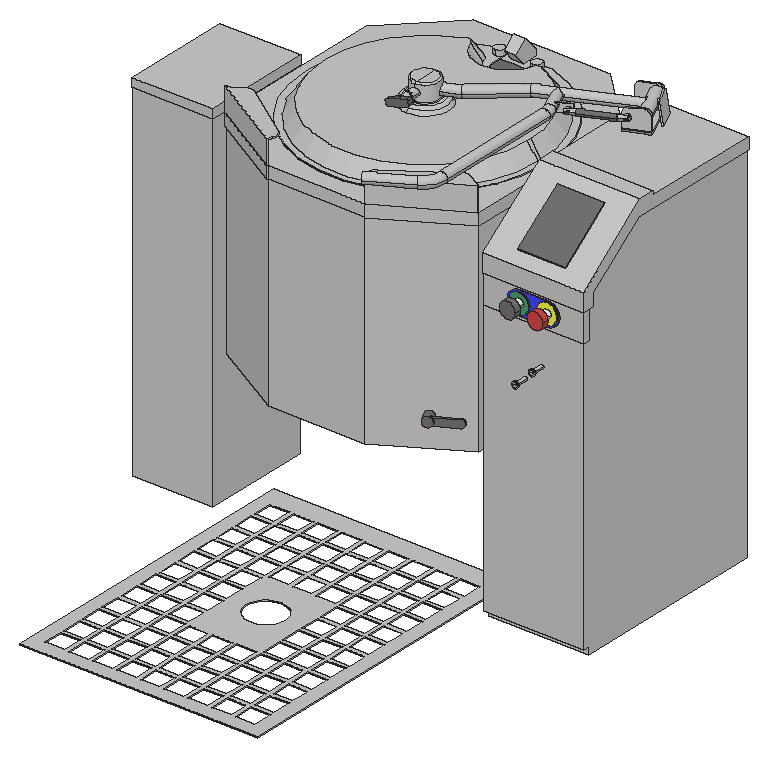
Revit family "QF_DIETATEC_C-CLASSIC_40_180516031749", category Specialty Equipment, Revit 2015
Parameters
  Width [instance] = 1154 mm
  Weight in Pounds [instance] = 286.598
  Volts [instance] = 400 V
  URL Cutsheet [instance] = ""
  URL = "www.dietatec.com"
  Status [instance] = ""
  Specification by User [instance] = ""
  Specification by Manufacturer [instance] = ""
  Serial Number [instance] = "C-CLASSIC_40"
  Seismic Rating [instance] = ""
  SMACNA No [instance] = ""
  Revision Code [instance] = ""
  Phase [instance] = 0
  Number of Poles [instance] = 3
  NAFEM Spec ID Number [instance] = ""
  Model = "54310"
  Min Ckt Ampacity [instance] = 0 A
  Max Overcurrent Protection [instance] = 0 A
  Masterspec [instance] = ""
  Manufacturer = "DIETATEC"
  ListPrice [instance] = 0
  Item Number [instance] = ""
  Installed By [instance] = ""
  Identify Quantity as Lot [instance] = yes
  Height [instance] = 1000 mm
  HP [instance] = ""
  Furnished By [instance] = ""
  Foodservice Equipment Identifier [instance] = yes
  FL Amps [instance] = 20 A
  Elec Conn RI Height [instance] = 0 mm
  Elec Conn Connection Height [instance] = 120 mm
  Description = "DIETA C-CLASSIC 40 KETTLE, ELECTRIC MODEL"
  Depth [instance] = 770 mm
  Cycle [instance] = 50 Hz
  Conn Plug [instance] = ""
  Conn Conduit [instance] = yes
  Cold Water Size [instance] = 12.7 mm
  CSI MasterFormat [instance] = ""
  Assembly Code = "E1090320"
  Apparent Power [instance] = 13500 VA
Reference planes
  plane 1 "Center (Front/Back)": y = 0
  plane 2: z = 0
  plane 3 "Center (Left/Right)": x = 0
Forms (mm)
  Extrusion 1, solid, not visible
    sketch origin (803.5, -97.5, 120) x (1, 0, 0) y (0, 1, 0)
      loop
        line (0, 0) -> (2, 0) -> (2, 2) -> (0, 2) -> (0, 0)
    from 0 to 2
  Extrusion 2, solid, not visible
    sketch origin (873.5, -97.5, 120) x (1, 0, 0) y (0, 1, 0)
      loop
        line (0, 0) -> (2, 0) -> (2, 2) -> (0, 2) -> (0, 0)
    from 0 to 2
Dimensions and locks
  aligned and locked: level to plane 2
Nested families
  nested 1: "QF_Dietatec_C-CLASSIC_40_FL" at (0, 0, 0), type "54310_400_3"
    with Width 1154 mm, Status "", Specification by User "", Show Logo yes, Show Clearance yes, Revision Code "", Plumbing Remarks "", Plumbing Connection Type "", Number of Poles 3, ListPrice 0, Item Number "", Installed By "", Identify Quantity as Lot no, Height 1000 mm, Furnished By "", Foodservice Equipment Identifier yes, Electrical Remarks "", Electric Connection Type "", Elec Conn RI Height 0 mm, Elec Conn Connection Height 120 mm, Depth 770 mm, Conn Conduit no, Cold Water RI Height 120 mm, Cold Water Flow 0.0 L/s, Cold Water Consumption "", Cold Water Connection Height 120 mm
  nested 2: "QF_Dietatec_KETTLE_LEFT_LEG" at (0, 0, 0), type "KETTLE_LEFT_LEG"
    with Width 275 mm, Status "", Specification by User "", Show Logo yes, Show Clearance yes, Revision Code "", ListPrice 0, Item Number "", Installed By "", Identify Quantity as Lot no, Height 900 mm, Furnished By "", Foodservice Equipment Identifier yes, Depth 200 mm
Connectors
  electrical at (804.5, -95.5, 121), driven by "Volts"
    settings: on Extrusion 1, index 1, voltage 400 V, apparent load 13500 VA, apparent load phase1 0 VA, apparent load phase2 0 VA, apparent load phase3 0 VA, power factor 1, load classification "Other", number of poles 1, system type 30, power factor state 1, is connector primary yes, connector utility no, sub classification motor no, connector description "Electrical connection"
  piping at (874.5, -95.5, 121), diameter 12.7, driven by "Cold Water Size"
    settings: on Extrusion 2, index 2, connector inside diameter 609.6 mm, connector length 0 mm, flow factor 0, pipe flow 0.0 L/s, pressure drop 0.0 Pa, fitting loss kfactor 0, connector angle 0.00°, fixture units 0, engagement length 0 mm, angle of deflection 0.00°, flow configuration 1, flow direction 1, fitting loss method 0, system type 20, joint type 0, gender type 0, connector reference index -1, connector utility 0, adjustable connector no, is connector primary yes, connector description "Cold water connection"
Definition of nested family "QF_Dietatec_C-CLASSIC_40_FL"
  Parameters (values of type "54310_400_3")
    Width [instance] = 0 mm
    Weight in Pounds = 286.6006
    Watts = 500 W
    Volts = 230 V
    URL Cutsheet = "www.dietatec.com"
    URL = "www.dietatec.com"
    Status [instance] = ""
    Specification by User [instance] = ""
    Specification by Manufacturer = ""
    Show Logo [instance] = yes
    Show Clearance [instance] = yes
    Serial Number = ""
    Seismic Rating = ""
    SMACNA No = ""
    Revision Code [instance] = ""
    Plumbing Remarks [instance] = ""
    Plumbing Connection Type [instance] = ""
    Phase = 1
    Number of Poles [instance] = 1
    NAFEM Spec ID Number = ""
    Model = "54310+43730"
    Min Ckt Ampacity = 0 A
    Max Overcurrent Protection = 0 A
    Masterspec = ""
    Manufacturer = "DIETATEC"
    ListPrice [instance] = 0
    Item Number [instance] = ""
    Installed By [instance] = ""
    Identify Quantity as Lot [instance] = no
    Height [instance] = 0 mm
    HP = "0.670510000000"
    Furnished By [instance] = ""
    Foodservice Equipment Identifier [instance] = yes
    FL Amps = 10 A
    Electrical Remarks [instance] = ""
    Electric Connection Type [instance] = ""
    Elec Conn RI Height [instance] = 0 mm
    Elec Conn Connection Height [instance] = 120 mm
    Description = "DIETA C-CLASSIC 40 KETTLE, STEAM MODEL"
    Depth [instance] = 0 mm
    Cycle = 50 Hz
    Conn Plug = ""
    Conn Conduit [instance] = no
    Cold Water Temperature Recommended = 0 °C
    Cold Water Size = 12.7 mm
    Cold Water RI Height [instance] = 120 mm
    Cold Water Minimum Pressure = 20000.0 Pa
    Cold Water Maximum Pressure = 50000.0 Pa
    Cold Water Flow [instance] = 0.0 L/s
    Cold Water Consumption [instance] = ""
    Cold Water Connection Height [instance] = 120 mm
    CSI MasterFormat = ""
    Assembly Code = "E1090320"
    Apparent Power = 500 VA
  Reference planes
    plane 1 "Back": y = 0
    plane 2: z = 0
    plane 3 "Left": x = 0
    plane 4 "Right": x = 950.5
    plane 5 "Front": y = -770
    plane 6 "Top": z = 1000
  Forms (mm)
    Extrusion 1, solid
      sketch origin (1853.203, 903.185, 150) x (1, 0, 0) y (0, 1, 0)
        loop
          line (-1804.703, -1372.685) -> (-1804.703, -2172.685) -> (-1204.703, -2172.685) -> (-1204.703, -1372.685) -> (-1804.703, -1372.685)
        loop
          line (-1769.703, -1427.685) -> (-1769.703, -1477.685) -> (-1719.703, -1477.685) -> (-1719.703, -1427.685) -> (-1769.703, -1427.685)
        loop
          line (-1709.703, -1427.685) -> (-1709.703, -1477.685) -> (-1659.703, -1477.685) -> (-1659.703, -1427.685) -> (-1709.703, -1427.685)
        loop
          line (-1649.703, -1427.685) -> (-1649.703, -1477.685) -> (-1599.703, -1477.685) -> (-1599.703, -1427.685) -> (-1649.703, -1427.685)
        loop
          line (-1589.703, -1427.685) -> (-1589.703, -1477.685) -> (-1539.703, -1477.685) -> (-1539.703, -1427.685) -> (-1589.703, -1427.685)
        loop
          line (-1529.703, -1427.685) -> (-1529.703, -1477.685) -> (-1479.703, -1477.685) -> (-1479.703, -1427.685) -> (-1529.703, -1427.685)
        loop
          line (-1469.703, -1427.685) -> (-1469.703, -1477.685) -> (-1419.703, -1477.685) -> (-1419.703, -1427.685) -> (-1469.703, -1427.685)
        loop
          line (-1409.703, -1427.685) -> (-1409.703, -1477.685) -> (-1359.703, -1477.685) -> (-1359.703, -1427.685) -> (-1409.703, -1427.685)
        loop
          line (-1349.703, -1427.685) -> (-1349.703, -1477.685) -> (-1299.703, -1477.685) -> (-1299.703, -1427.685) -> (-1349.703, -1427.685)
        loop
          line (-1289.703, -1427.685) -> (-1289.703, -1477.685) -> (-1239.703, -1477.685) -> (-1239.703, -1427.685) -> (-1289.703, -1427.685)
        loop
          line (-1769.703, -1487.685) -> (-1769.703, -1537.685) -> (-1719.703, -1537.685) -> (-1719.703, -1487.685) -> (-1769.703, -1487.685)
        loop
          line (-1709.703, -1487.685) -> (-1709.703, -1537.685) -> (-1659.703, -1537.685) -> (-1659.703, -1487.685) -> (-1709.703, -1487.685)
        loop
          line (-1649.703, -1487.685) -> (-1649.703, -1537.685) -> (-1599.703, -1537.685) -> (-1599.703, -1487.685) -> (-1649.703, -1487.685)
        loop
          line (-1589.703, -1487.685) -> (-1589.703, -1537.685) -> (-1539.703, -1537.685) -> (-1539.703, -1487.685) -> (-1589.703, -1487.685)
        loop
          line (-1529.703, -1487.685) -> (-1529.703, -1537.685) -> (-1479.703, -1537.685) -> (-1479.703, -1487.685) -> (-1529.703, -1487.685)
        loop
          line (-1469.703, -1487.685) -> (-1469.703, -1537.685) -> (-1419.703, -1537.685) -> (-1419.703, -1487.685) -> (-1469.703, -1487.685)
        loop
          line (-1409.703, -1487.685) -> (-1409.703, -1537.685) -> (-1359.703, -1537.685) -> (-1359.703, -1487.685) -> (-1409.703, -1487.685)
        loop
          line (-1349.703, -1487.685) -> (-1349.703, -1537.685) -> (-1299.703, -1537.685) -> (-1299.703, -1487.685) -> (-1349.703, -1487.685)
        loop
          line (-1289.703, -1487.685) -> (-1289.703, -1537.685) -> (-1239.703, -1537.685) -> (-1239.703, -1487.685) -> (-1289.703, -1487.685)
        loop
          line (-1769.703, -1547.685) -> (-1769.703, -1597.685) -> (-1719.703, -1597.685) -> (-1719.703, -1547.685) -> (-1769.703, -1547.685)
        loop
          line (-1709.703, -1547.685) -> (-1709.703, -1597.685) -> (-1659.703, -1597.685) -> (-1659.703, -1547.685) -> (-1709.703, -1547.685)
        loop
          line (-1649.703, -1547.685) -> (-1649.703, -1597.685) -> (-1599.703, -1597.685) -> (-1599.703, -1547.685) -> (-1649.703, -1547.685)
        loop
          line (-1589.703, -1547.685) -> (-1589.703, -1597.685) -> (-1539.703, -1597.685) -> (-1539.703, -1547.685) -> (-1589.703, -1547.685)
        loop
          line (-1529.703, -1547.685) -> (-1529.703, -1597.685) -> (-1479.703, -1597.685) -> (-1479.703, -1547.685) -> (-1529.703, -1547.685)
        loop
          line (-1469.703, -1547.685) -> (-1469.703, -1597.685) -> (-1419.703, -1597.685) -> (-1419.703, -1547.685) -> (-1469.703, -1547.685)
        loop
          line (-1409.703, -1547.685) -> (-1409.703, -1597.685) -> (-1359.703, -1597.685) -> (-1359.703, -1547.685) -> (-1409.703, -1547.685)
        loop
          line (-1349.703, -1547.685) -> (-1349.703, -1597.685) -> (-1299.703, -1597.685) -> (-1299.703, -1547.685) -> (-1349.703, -1547.685)
        loop
          line (-1289.703, -1547.685) -> (-1289.703, -1597.685) -> (-1239.703, -1597.685) -> (-1239.703, -1547.685) -> (-1289.703, -1547.685)
        loop
          line (-1769.703, -1607.685) -> (-1769.703, -1657.685) -> (-1719.703, -1657.685) -> (-1719.703, -1607.685) -> (-1769.703, -1607.685)
        loop
          line (-1709.703, -1607.685) -> (-1709.703, -1657.685) -> (-1659.703, -1657.685) -> (-1659.703, -1607.685) -> (-1709.703, -1607.685)
        loop
          line (-1649.703, -1607.685) -> (-1649.703, -1657.685) -> (-1599.703, -1657.685) -> (-1599.703, -1607.685) -> (-1649.703, -1607.685)
        loop
          line (-1589.703, -1607.685) -> (-1589.703, -1657.685) -> (-1539.703, -1657.685) -> (-1539.703, -1607.685) -> (-1589.703, -1607.685)
        loop
          line (-1529.703, -1607.685) -> (-1529.703, -1657.685) -> (-1479.703, -1657.685) -> (-1479.703, -1607.685) -> (-1529.703, -1607.685)
        loop
          line (-1469.703, -1607.685) -> (-1469.703, -1657.685) -> (-1419.703, -1657.685) -> (-1419.703, -1607.685) -> (-1469.703, -1607.685)
        loop
          line (-1409.703, -1607.685) -> (-1409.703, -1657.685) -> (-1359.703, -1657.685) -> (-1359.703, -1607.685) -> (-1409.703, -1607.685)
        loop
          line (-1349.703, -1607.685) -> (-1349.703, -1657.685) -> (-1299.703, -1657.685) -> (-1299.703, -1607.685) -> (-1349.703, -1607.685)
        loop
          line (-1289.703, -1607.685) -> (-1289.703, -1657.685) -> (-1239.703, -1657.685) -> (-1239.703, -1607.685) -> (-1289.703, -1607.685)
        loop
          line (-1769.703, -1667.685) -> (-1769.703, -1717.685) -> (-1719.703, -1717.685) -> (-1719.703, -1667.685) -> (-1769.703, -1667.685)
        loop
          line (-1709.703, -1667.685) -> (-1709.703, -1717.685) -> (-1659.703, -1717.685) -> (-1659.703, -1667.685) -> (-1709.703, -1667.685)
        loop
          line (-1649.703, -1667.685) -> (-1649.703, -1717.685) -> (-1599.703, -1717.685) -> (-1599.703, -1667.685) -> (-1649.703, -1667.685)
        loop
          line (-1409.703, -1667.685) -> (-1409.703, -1717.685) -> (-1359.703, -1717.685) -> (-1359.703, -1667.685) -> (-1409.703, -1667.685)
        loop
          line (-1349.703, -1667.685) -> (-1349.703, -1717.685) -> (-1299.703, -1717.685) -> (-1299.703, -1667.685) -> (-1349.703, -1667.685)
        loop
          line (-1289.703, -1667.685) -> (-1289.703, -1717.685) -> (-1239.703, -1717.685) -> (-1239.703, -1667.685) -> (-1289.703, -1667.685)
        loop
          line (-1769.703, -1727.685) -> (-1769.703, -1777.685) -> (-1719.703, -1777.685) -> (-1719.703, -1727.685) -> (-1769.703, -1727.685)
        loop
          line (-1709.703, -1727.685) -> (-1709.703, -1777.685) -> (-1659.703, -1777.685) -> (-1659.703, -1727.685) -> (-1709.703, -1727.685)
        loop
          line (-1649.703, -1727.685) -> (-1649.703, -1777.685) -> (-1599.703, -1777.685) -> (-1599.703, -1727.685) -> (-1649.703, -1727.685)
        loop
          line (-1409.703, -1727.685) -> (-1409.703, -1777.685) -> (-1359.703, -1777.685) -> (-1359.703, -1727.685) -> (-1409.703, -1727.685)
        loop
          line (-1349.703, -1727.685) -> (-1349.703, -1777.685) -> (-1299.703, -1777.685) -> (-1299.703, -1727.685) -> (-1349.703, -1727.685)
        loop
          line (-1289.703, -1727.685) -> (-1289.703, -1777.685) -> (-1239.703, -1777.685) -> (-1239.703, -1727.685) -> (-1289.703, -1727.685)
        loop
          line (-1769.703, -1787.685) -> (-1769.703, -1837.685) -> (-1719.703, -1837.685) -> (-1719.703, -1787.685) -> (-1769.703, -1787.685)
        loop
          line (-1709.703, -1787.685) -> (-1709.703, -1837.685) -> (-1659.703, -1837.685) -> (-1659.703, -1787.685) -> (-1709.703, -1787.685)
        loop
          line (-1649.703, -1787.685) -> (-1649.703, -1837.685) -> (-1599.703, -1837.685) -> (-1599.703, -1787.685) -> (-1649.703, -1787.685)
        loop
          line (-1409.703, -1787.685) -> (-1409.703, -1837.685) -> (-1359.703, -1837.685) -> (-1359.703, -1787.685) -> (-1409.703, -1787.685)
        loop
          line (-1349.703, -1787.685) -> (-1349.703, -1837.685) -> (-1299.703, -1837.685) -> (-1299.703, -1787.685) -> (-1349.703, -1787.685)
        loop
          line (-1289.703, -1787.685) -> (-1289.703, -1837.685) -> (-1239.703, -1837.685) -> (-1239.703, -1787.685) -> (-1289.703, -1787.685)
        loop
          line (-1769.703, -1847.685) -> (-1769.703, -1897.685) -> (-1719.703, -1897.685) -> (-1719.703, -1847.685) -> (-1769.703, -1847.685)
        loop
          line (-1709.703, -1847.685) -> (-1709.703, -1897.685) -> (-1659.703, -1897.685) -> (-1659.703, -1847.685) -> (-1709.703, -1847.685)
        loop
          line (-1649.703, -1847.685) -> (-1649.703, -1897.685) -> (-1599.703, -1897.685) -> (-1599.703, -1847.685) -> (-1649.703, -1847.685)
        loop
          line (-1409.703, -1847.685) -> (-1409.703, -1897.685) -> (-1359.703, -1897.685) -> (-1359.703, -1847.685) -> (-1409.703, -1847.685)
        loop
          line (-1349.703, -1847.685) -> (-1349.703, -1897.685) -> (-1299.703, -1897.685) -> (-1299.703, -1847.685) -> (-1349.703, -1847.685)
        loop
          line (-1289.703, -1847.685) -> (-1289.703, -1897.685) -> (-1239.703, -1897.685) -> (-1239.703, -1847.685) -> (-1289.703, -1847.685)
        loop
          line (-1769.703, -1907.685) -> (-1769.703, -1957.685) -> (-1719.703, -1957.685) -> (-1719.703, -1907.685) -> (-1769.703, -1907.685)
        loop
          line (-1709.703, -1907.685) -> (-1709.703, -1957.685) -> (-1659.703, -1957.685) -> (-1659.703, -1907.685) -> (-1709.703, -1907.685)
        loop
          line (-1649.703, -1907.685) -> (-1649.703, -1957.685) -> (-1599.703, -1957.685) -> (-1599.703, -1907.685) -> (-1649.703, -1907.685)
        loop
          line (-1589.703, -1907.685) -> (-1589.703, -1957.685) -> (-1539.703, -1957.685) -> (-1539.703, -1907.685) -> (-1589.703, -1907.685)
        loop
          line (-1529.703, -1907.685) -> (-1529.703, -1957.685) -> (-1479.703, -1957.685) -> (-1479.703, -1907.685) -> (-1529.703, -1907.685)
        loop
          line (-1469.703, -1907.685) -> (-1469.703, -1957.685) -> (-1419.703, -1957.685) -> (-1419.703, -1907.685) -> (-1469.703, -1907.685)
        loop
          line (-1409.703, -1907.685) -> (-1409.703, -1957.685) -> (-1359.703, -1957.685) -> (-1359.703, -1907.685) -> (-1409.703, -1907.685)
        loop
          line (-1349.703, -1907.685) -> (-1349.703, -1957.685) -> (-1299.703, -1957.685) -> (-1299.703, -1907.685) -> (-1349.703, -1907.685)
        loop
          line (-1289.703, -1907.685) -> (-1289.703, -1957.685) -> (-1239.703, -1957.685) -> (-1239.703, -1907.685) -> (-1289.703, -1907.685)
        loop
          line (-1769.703, -1967.685) -> (-1769.703, -2017.685) -> (-1719.703, -2017.685) -> (-1719.703, -1967.685) -> (-1769.703, -1967.685)
        loop
          line (-1709.703, -1967.685) -> (-1709.703, -2017.685) -> (-1659.703, -2017.685) -> (-1659.703, -1967.685) -> (-1709.703, -1967.685)
        loop
          line (-1649.703, -1967.685) -> (-1649.703, -2017.685) -> (-1599.703, -2017.685) -> (-1599.703, -1967.685) -> (-1649.703, -1967.685)
        loop
          line (-1589.703, -1967.685) -> (-1589.703, -2017.685) -> (-1539.703, -2017.685) -> (-1539.703, -1967.685) -> (-1589.703, -1967.685)
        loop
          line (-1529.703, -1967.685) -> (-1529.703, -2017.685) -> (-1479.703, -2017.685) -> (-1479.703, -1967.685) -> (-1529.703, -1967.685)
        loop
          line (-1469.703, -1967.685) -> (-1469.703, -2017.685) -> (-1419.703, -2017.685) -> (-1419.703, -1967.685) -> (-1469.703, -1967.685)
        loop
          line (-1409.703, -1967.685) -> (-1409.703, -2017.685) -> (-1359.703, -2017.685) -> (-1359.703, -1967.685) -> (-1409.703, -1967.685)
        loop
          line (-1349.703, -1967.685) -> (-1349.703, -2017.685) -> (-1299.703, -2017.685) -> (-1299.703, -1967.685) -> (-1349.703, -1967.685)
        loop
          line (-1289.703, -1967.685) -> (-1289.703, -2017.685) -> (-1239.703, -2017.685) -> (-1239.703, -1967.685) -> (-1289.703, -1967.685)
        loop
          line (-1769.703, -2027.685) -> (-1769.703, -2077.685) -> (-1719.703, -2077.685) -> (-1719.703, -2027.685) -> (-1769.703, -2027.685)
        loop
          line (-1709.703, -2027.685) -> (-1709.703, -2077.685) -> (-1659.703, -2077.685) -> (-1659.703, -2027.685) -> (-1709.703, -2027.685)
        loop
          line (-1649.703, -2027.685) -> (-1649.703, -2077.685) -> (-1599.703, -2077.685) -> (-1599.703, -2027.685) -> (-1649.703, -2027.685)
        loop
          line (-1589.703, -2027.685) -> (-1589.703, -2077.685) -> (-1539.703, -2077.685) -> (-1539.703, -2027.685) -> (-1589.703, -2027.685)
        loop
          line (-1529.703, -2027.685) -> (-1529.703, -2077.685) -> (-1479.703, -2077.685) -> (-1479.703, -2027.685) -> (-1529.703, -2027.685)
        loop
          line (-1469.703, -2027.685) -> (-1469.703, -2077.685) -> (-1419.703, -2077.685) -> (-1419.703, -2027.685) -> (-1469.703, -2027.685)
        loop
          line (-1409.703, -2027.685) -> (-1409.703, -2077.685) -> (-1359.703, -2077.685) -> (-1359.703, -2027.685) -> (-1409.703, -2027.685)
        loop
          line (-1349.703, -2027.685) -> (-1349.703, -2077.685) -> (-1299.703, -2077.685) -> (-1299.703, -2027.685) -> (-1349.703, -2027.685)
        loop
          line (-1289.703, -2027.685) -> (-1289.703, -2077.685) -> (-1239.703, -2077.685) -> (-1239.703, -2027.685) -> (-1289.703, -2027.685)
        loop
          line (-1769.703, -2087.685) -> (-1769.703, -2137.685) -> (-1719.703, -2137.685) -> (-1719.703, -2087.685) -> (-1769.703, -2087.685)
        loop
          line (-1709.703, -2087.685) -> (-1709.703, -2137.685) -> (-1659.703, -2137.685) -> (-1659.703, -2087.685) -> (-1709.703, -2087.685)
        loop
          line (-1649.703, -2087.685) -> (-1649.703, -2137.685) -> (-1599.703, -2137.685) -> (-1599.703, -2087.685) -> (-1649.703, -2087.685)
        loop
          line (-1589.703, -2087.685) -> (-1589.703, -2137.685) -> (-1539.703, -2137.685) -> (-1539.703, -2087.685) -> (-1589.703, -2087.685)
        loop
          line (-1529.703, -2087.685) -> (-1529.703, -2137.685) -> (-1479.703, -2137.685) -> (-1479.703, -2087.685) -> (-1529.703, -2087.685)
        loop
          line (-1469.703, -2087.685) -> (-1469.703, -2137.685) -> (-1419.703, -2137.685) -> (-1419.703, -2087.685) -> (-1469.703, -2087.685)
        loop
          line (-1409.703, -2087.685) -> (-1409.703, -2137.685) -> (-1359.703, -2137.685) -> (-1359.703, -2087.685) -> (-1409.703, -2087.685)
        loop
          line (-1349.703, -2087.685) -> (-1349.703, -2137.685) -> (-1299.703, -2137.685) -> (-1299.703, -2087.685) -> (-1349.703, -2087.685)
        loop
          line (-1289.703, -2087.685) -> (-1289.703, -2137.685) -> (-1239.703, -2137.685) -> (-1239.703, -2087.685) -> (-1289.703, -2087.685)
        loop
          circle (-1504.703, -1772.685) r 50
      from -150 to -148
    Extrusion 2, solid
      sketch origin (-203, -1000, 0) x (0, 1, 0) y (0, 0, 1)
        loop
          line (899, 0) -> (899, 921.5) -> (555.633, 921.5) -> (410.5, 812.65) -> (410.5, 782.65) -> (397.5, 782.65) -> (397.5, 710.15) -> (382, 710.15) -> (382, 19) -> (397.5, 19) -> (397.5, 0) -> (899, 0)
      from 901 to 1152
    Extrusion 3, solid
      sketch origin (-203, 0, 0) x (0, 1, 0) y (0, 0, 1)
        loop
          line (-602.5, 782.65) -> (-618, 782.65) -> (-618, 710.15) -> (-602.5, 710.15) -> (-602.5, 782.65)
      from 901 to 1152
    Extrusion 4, solid
      sketch origin (48.5, -732.029, 6.15) x (1, 0, 0) y (0, 0, 1)
        loop
          circle (740, 741) r 10
      from -112.029 to -90
    Extrusion 5, solid
      sketch origin (48.5, -792.029, 6.15) x (1, 0, 0) y (0, 0, 1)
        loop
          circle (740, 741) r 20
      from -150 to -135
    Extrusion 6, solid
      sketch origin (48.5, -768, 6.15) x (1, 0, 0) y (0, 0, 1)
        loop
          circle (740, 741) r 25
      from -150 to -148
    Extrusion 7, solid
      sketch origin (118.5, -732.029, 6.15) x (1, 0, 0) y (0, 0, 1)
        loop
          circle (740, 741) r 10
      from -112.029 to -90
    Extrusion 8, solid
      sketch origin (118.5, -792.029, 6.15) x (1, 0, 0) y (0, 0, 1)
        loop
          circle (740, 741) r 20
      from -150 to -135
    Extrusion 9, solid
      sketch origin (118.5, -768, 6.15) x (1, 0, 0) y (0, 0, 1)
        loop
          circle (740, 741) r 25
      from -150 to -148
    Extrusion 10, solid
      sketch origin (130.5, -767, -53.35) x (1, 0, 0) y (0, 0, 1)
        loop
          arc (658, 830.5) -> (628, 800.5) -> (658, 770.5) r 30
          line (658, 770.5) -> (728, 770.5)
          arc (728, 770.5) -> (758, 800.5) -> (728, 830.5) r 30
          line (728, 830.5) -> (658, 830.5)
      from -150 to -148
    Extrusion 11, solid
      sketch origin (-203, 0, 0) x (0, 1, 0) y (0, 0, 1)
        loop
          line (-468.4, 941.6) -> (-593.2, 848) -> (-592, 846.4) -> (-467.2, 940) -> (-468.4, 941.6)
      from 966.5 to 1086.5
    Revolve 12, solid
      sketch origin (-203, 0, 580) x (1, 0, 0) y (0, 1, 0)
        loop
          line (1009.5, -618.013) -> (1005.5, -618.013) -> (1005.5, -651) -> (1012.485, -651)
          arc (1012.485, -651) -> (1012.849, -650.849) -> (1013, -650.485) r 0.515
          line (1013, -650.485) -> (1013, -648.5) -> (1009.5, -648.5) -> (1009.5, -618.013)
        axis (1005.5, -651) -> (1005.5, -618.013)
      angle from 0 to 360
    Revolve 13, solid
      sketch origin (-161, 0, 622) x (1, 0, 0) y (0, 1, 0)
        loop
          line (1009.5, -618.003) -> (1005.5, -618.003) -> (1005.5, -651) -> (1012.485, -651)
          arc (1012.485, -651) -> (1012.849, -650.849) -> (1013, -650.485) r 0.515
          line (1013, -650.485) -> (1013, -648.5) -> (1009.5, -648.5) -> (1009.5, -618.003)
        axis (1005.5, -651) -> (1005.5, -618.003)
      angle from 0 to 360
    Revolve 14, solid
      sketch origin (-203, -476, 0) x (1, 0, 0) y (0, 0, 1)
        loop
          line (204.5, 825) -> (201.5, 825) -> (201.5, 775) -> (233, 775) -> (233, 837.5) -> (232.15, 837.5) -> (232.15, 824.35)
          arc (232.15, 824.35) -> (230.796, 821.35) -> (227.65, 820.381) r 4
          line (227.65, 820.381) -> (227.65, 819.45) -> (213, 819.45) -> (213, 818.5) -> (204.5, 818.5) -> (204.5, 825)
        axis (233, 775) -> (201.5, 775)
      angle from 0 to 360
    Revolve 15, solid
      sketch origin (900, -476, 0) x (-1, 0, 0) y (0, 0, -1)
        loop
          line (204.5, -825) -> (204.5, -818.5) -> (213, -818.5) -> (213, -819.45) -> (227.65, -819.45) -> (227.65, -820.381)
          arc (227.65, -820.381) -> (230.796, -821.35) -> (232.15, -824.35) r 4
          line (232.15, -824.35) -> (232.15, -837.5) -> (233, -837.5) -> (233, -775) -> (201.5, -775) -> (201.5, -825) -> (204.5, -825)
        axis (233, -775) -> (201.5, -775)
      angle from 0 to 360
    Extrusion 16, solid
      sketch origin (-203, 0, 0) x (1, 0, 0) y (0, 1, 0)
        loop
          line (722.48, -3.3) -> (380.52, -3.3) -> (233.3, -150.52) -> (233.3, -596.343) -> (430.16, -710) -> (672.84, -710) -> (869.7, -596.343) -> (869.7, -150.52) -> (722.48, -3.3)
      from 356.422 to 870
    Extrusion 17, solid
      sketch origin (-203, 0, 27) x (1, 0, 0) y (0, 1, 0)
        loop
          line (430.16, -710) -> (672.84, -710) -> (674, -709.33) -> (675.65, -712.188) -> (873, -598.248) -> (873, -149.153) -> (723.847, 0) -> (379.153, 0) -> (230, -149.153) -> (230, -598.248) -> (427.35, -712.188) -> (429, -709.33) -> (430.16, -710)
      from 843 to 873
    Extrusion 18, solid
      sketch origin (-203, 0, 1020) x (1, 0, 0) y (0, 1, 0)
        loop
          line (674, -709.33) -> (675.65, -712.188) -> (870.593, -599.638) -> (868.943, -596.78) -> (674, -709.33)
        loop
          line (429, -709.33) -> (234.057, -596.78) -> (232.407, -599.638) -> (427.35, -712.188) -> (429, -709.33)
      from -120 to -59.435
    Extrusion 19, solid
      sketch origin (-203, 0, 1040) x (1, 0, 0) y (0, 1, 0)
        loop
          line (241.167, -594.601) -> (234.057, -596.78) -> (232.407, -599.638) -> (427.35, -712.188) -> (433.173, -702.102)
          arc (433.173, -702.102) -> (435.379, -687.773) -> (427.324, -675.719) r 20
          line (427.324, -675.719) -> (290.139, -579.661)
          arc (290.139, -579.661) -> (279.54, -576.063) -> (268.668, -578.723) r 20
          line (268.668, -578.723) -> (241.167, -594.601)
        loop
          line (861.833, -594.601) -> (834.332, -578.723)
          arc (834.332, -578.723) -> (823.46, -576.063) -> (812.861, -579.661) r 20
          line (812.861, -579.661) -> (675.676, -675.719)
          arc (675.676, -675.719) -> (667.621, -687.773) -> (669.827, -702.102) r 20
          line (669.827, -702.102) -> (675.65, -712.188) -> (870.593, -599.638) -> (868.943, -596.78) -> (861.833, -594.601)
      from -81.15 to -78.15
    Revolve 20, solid
      sketch origin (348.5, 0, 0) x (0, 1, 0) y (0, 0, 1)
        loop
          line (-366, 995.5) -> (-366, 937.455) -> (-307.025, 937.455) -> (-312.103, 946.25)
          arc (-312.103, 946.25) -> (-315.946, 950.093) -> (-321.196, 951.5) r 10.5
          line (-321.196, 951.5) -> (-331, 951.5) -> (-331, 953.5) -> (-332.5, 953.5) -> (-332.5, 992) -> (-336, 995.5) -> (-366, 995.5)
        axis (-366, 937.455) -> (-366, 995.5)
      angle from 0 to 360
    Extrusion 21, solid
      sketch origin (-203, 0, 879.5) x (1, 0, 0) y (0, 1, 0)
        loop
          arc (471.1, -61.974) -> (312.628, -169.506) -> (251.5, -351) r 300
          line (251.5, -351) -> (251.5, -366)
          arc (251.5, -366) -> (551.5, -666) -> (851.5, -366) r 300
          line (851.5, -366) -> (851.5, -351)
          arc (851.5, -351) -> (790.372, -169.506) -> (631.9, -61.974) r 300
          arc (631.9, -61.974) -> (625.262, -60.605) -> (618.5, -60.145) r 50
          line (618.5, -60.145) -> (599, -60.145)
          arc (599, -60.145) -> (590.161, -63.806) -> (586.5, -72.645) r 12.5
          arc (586.5, -72.645) -> (585.938, -92.703) -> (584.308, -112.702) r 376.25
          arc (584.308, -112.702) -> (551.5, -142.145) -> (518.692, -112.702) r 33
          arc (518.692, -112.702) -> (517.061, -92.687) -> (516.5, -72.613) r 376.25
          arc (516.5, -72.613) -> (512.828, -63.795) -> (504, -60.145) r 12.5
          line (504, -60.145) -> (484.5, -60.145)
          arc (484.5, -60.145) -> (477.738, -60.605) -> (471.1, -61.974) r 50
      from 20 to 22
    Blend 22, solid
      base sketch origin (-203, 0, 0) x (1, 0, 0) y (0, 1, 0)
        loop
          arc (445.186, -92.991) -> (316.303, -197.386) -> (267.817, -356) r 283.683
          line (267.817, -356) -> (267.817, -366)
          arc (267.817, -366) -> (551.5, -649.683) -> (835.183, -366) r 283.683
          line (835.183, -366) -> (835.183, -356)
          arc (835.183, -356) -> (786.697, -197.386) -> (657.814, -92.991) r 283.683
          arc (657.814, -92.991) -> (624.632, -94.01) -> (602.983, -119.177) r 41.183
          arc (602.983, -119.177) -> (551.5, -157.317) -> (500.017, -119.177) r 53.817
          arc (500.017, -119.177) -> (478.368, -94.01) -> (445.186, -92.991) r 41.183
      top sketch origin (-203, 0, 0) x (1, 0, 0) y (0, 1, 0)
        loop
          arc (455.212, -117.796) -> (338.484, -212.345) -> (294.571, -356) r 256.929
          line (294.571, -356) -> (294.571, -366)
          arc (294.571, -366) -> (551.5, -622.929) -> (808.429, -366) r 256.929
          line (808.429, -366) -> (808.429, -356)
          arc (808.429, -356) -> (764.516, -212.345) -> (647.788, -117.796) r 256.929
          arc (647.788, -117.796) -> (636.162, -118.153) -> (628.577, -126.97) r 14.429
          arc (628.577, -126.97) -> (551.5, -184.071) -> (474.423, -126.97) r 80.571
          arc (474.423, -126.97) -> (466.838, -118.153) -> (455.212, -117.796) r 14.429
      from 901.5 to 937.63
    Extrusion 23, solid
      sketch origin (-203, 0, 0) x (0, 1, 0) y (0, 0, 1)
        loop
          line (-37.248, 900) -> (-37.248, 917.876) -> (-67.284, 953.672) -> (-97.926, 927.96) -> (-74.464, 900) -> (-37.248, 900)
      from 536.5 to 566.5
    Extrusion 24, solid
      sketch origin (-203, -420, 0) x (1, 0, 0) y (0, 0, 1)
        loop
          arc (524.133, 972.678) -> (522.051, 970.677) -> (521.857, 967.795) r 4.004
          line (521.857, 967.795) -> (523.853, 961.376)
          arc (523.853, 961.376) -> (525.646, 959.116) -> (528.494, 958.65) r 4
          line (528.494, 958.65) -> (545.58, 962.233) -> (562.767, 967.58) -> (578.87, 974.324)
          arc (578.87, 974.324) -> (580.95, 976.323) -> (581.145, 979.201) r 4
          line (581.145, 979.201) -> (579.147, 985.624)
          arc (579.147, 985.624) -> (577.354, 987.884) -> (574.506, 988.35) r 4
          line (574.506, 988.35) -> (557.42, 984.767) -> (540.233, 979.42) -> (524.133, 972.678)
      from 23.355 to 35.355
    Revolve 25, solid
      sketch origin (-203, 0, 973.5) x (1, 0, 0) y (0, 1, 0)
        loop
          line (541.5, -394.5) -> (541.5, -418.855) -> (542.908, -418.855) -> (542.908, -421.355) -> (547, -421.355) -> (547, -423.355) -> (542.5, -423.355) -> (542.5, -443.355) -> (551.5, -443.355) -> (551.5, -394.5) -> (541.5, -394.5)
        axis (551.5, -443.355) -> (551.5, -394.5)
      angle from 0 to 360
    Sweep 26, solid
      path origin (-203, 0, 991.467) x (1, 0, 0) y (0, 1, 0)
        loop
          line (713.848, -769.992) -> (810.092, -714.426)
          arc (810.092, -714.426) -> (832.969, -691.549) -> (841.342, -660.299) r 62.5
          line (841.342, -660.299) -> (841.342, -336.028)
          arc (841.342, -336.028) -> (839.861, -322.501) -> (835.486, -309.615) r 62.5
          line (835.486, -309.615) -> (806.642, -247.757)
      profile origin (638.342, -498.164, 991.467) x (-1, 0, 0) y (0, 0, 1)
        loop
          circle (12.5, 0) r 12.5
    Sweep 27, solid
      path origin (-142.68, -595.041, 0) x (0.906308, 0.422618, 0) y (0, 0, 1)
        loop
          line (564.254, 957.5) -> (619.254, 957.5) -> (759.731, 979) -> (989.731, 979)
      profile origin (393.631, -344.955, 957.5) x (0, 0, 1) y (0.422618, -0.906308, 0)
        loop
          circle (12.5, 0) r 12.5
    Extrusion 28, solid
      sketch origin (386.171, -935.322, 129.076) x (0.866025, 0.5, 0) y (0, 0, 1)
        loop
          circle (315, 303) r 12
      from -150 to -125
    Extrusion 29, solid
      sketch origin (395.171, -950.91, 129.076) x (0.866025, 0.5, 0) y (0, 0, 1)
        loop
          line (321.633, 293) -> (381, 293)
          arc (381, 293) -> (391, 303) -> (381, 313) r 10
          line (381, 313) -> (321.633, 313)
          arc (321.633, 313) -> (327, 303) -> (321.633, 293) r 12
      from -150 to -145
    Extrusion 30, solid
      sketch origin (-203, 0, 950) x (1, 0, 0) y (0, 1, 0)
        loop
          line (858.004, -281.002) -> (817.22, -300.02) -> (818.488, -302.739) -> (859.272, -283.721) -> (858.004, -281.002)
      from 30 to 53
    Revolve 31, solid
      sketch origin (-203, 0, 991.5) x (1, 0, 0) y (0, 1, 0)
        loop
          line (870.848, -285.378) -> (847.634, -296.204)
          arc (847.634, -296.204) -> (847.606, -298.584) -> (848.28, -300.868) r 8
          line (848.28, -300.868) -> (872.75, -289.457) -> (870.848, -285.378)
        loop
          line (944.709, -250.937) -> (946.611, -255.015) -> (971.081, -243.604)
          arc (971.081, -243.604) -> (969.765, -241.62) -> (967.924, -240.112) r 8
          line (967.924, -240.112) -> (944.709, -250.937)
        axis (848.28, -300.868) -> (971.081, -243.604)
      angle from 0 to 360
    Revolve 32, solid
      sketch origin (-203, 0, 991.5) x (1, 0, 0) y (0, 1, 0)
        loop
          line (872.524, -289.563) -> (946.841, -254.908) -> (943.671, -248.111) -> (869.354, -282.765) -> (872.524, -289.563)
        axis (872.524, -289.563) -> (946.841, -254.908)
      angle from 0 to 360
    Revolve 33, solid
      sketch origin (-203, 0, 991.83) x (1, 0, 0) y (0, 1, 0)
        loop
          line (856.34, -305.494) -> (858.742, -304.375) -> (845.326, -275.604) -> (843.514, -276.449) -> (843.03, -277.778) -> (848.207, -288.881) -> (846.394, -289.726) -> (847.602, -292.316)
          arc (847.602, -292.316) -> (848.524, -291.928) -> (849.43, -291.504) r 25
          line (849.43, -291.504) -> (851.438, -294.982) -> (856.34, -305.494)
        axis (845.326, -275.604) -> (858.742, -304.375)
      angle from 0 to 360
    Revolve 34, solid
      sketch origin (1082.87, 599.611, 991.83) x (-0.642788, -0.766044, 0) y (0.766044, -0.642788, 0)
        loop
          line (856.34, 305.494) -> (851.438, 294.982) -> (849.43, 291.504)
          arc (849.43, 291.504) -> (848.524, 291.928) -> (847.602, 292.316) r 25
          line (847.602, 292.316) -> (846.394, 289.726) -> (848.207, 288.881) -> (843.03, 277.778) -> (843.514, 276.449) -> (845.326, 275.604) -> (858.742, 304.375) -> (856.34, 305.494)
        axis (845.326, 275.604) -> (858.742, 304.375)
      angle from 0 to 360
    Extrusion 35, solid
      sketch origin (-723.621, -648.922, 0) x (0.906308, 0.422618, 0) y (0, 0, 1)
        loop
          arc (1518.24, 1010.5) -> (1507.633, 1006.107) -> (1503.24, 995.5) r 15
          line (1503.24, 995.5) -> (1503.24, 961.15) -> (1563.24, 961.15) -> (1563.24, 995.5)
          arc (1563.24, 995.5) -> (1558.846, 1006.107) -> (1548.24, 1010.5) r 15
          line (1548.24, 1010.5) -> (1518.24, 1010.5)
      from 141.433 to 145.433
    Extrusion 36, solid
      sketch origin (-678.612, -745.444, 0) x (0.906308, 0.422618, 0) y (0, 0, 1)
        loop
          arc (1518.24, 1010.5) -> (1507.633, 1006.107) -> (1503.24, 995.5) r 15
          line (1503.24, 995.5) -> (1503.24, 961.15) -> (1563.24, 961.15) -> (1563.24, 995.5)
          arc (1563.24, 995.5) -> (1558.846, 1006.107) -> (1548.24, 1010.5) r 15
          line (1548.24, 1010.5) -> (1518.24, 1010.5)
      from 141.433 to 145.433
    Extrusion 37, solid
      sketch origin (-133.615, -590.593, 0) x (0.906308, 0.422618, 0) y (0, 0, 1)
        loop
          circle (988.861, 991.5) r 15
      from -51.05 to 51.45
    Extrusion 38, solid
      sketch origin (-203, 0, 898.3) x (1, 0, 0) y (0, 1, 0)
        loop
          arc (586.069, -90.158) -> (551.5, -88) -> (516.931, -90.158) r 278
          arc (516.931, -90.158) -> (517.642, -101.443) -> (518.692, -112.702) r 376.25
          arc (518.692, -112.702) -> (551.5, -142.145) -> (584.308, -112.702) r 33
          arc (584.308, -112.702) -> (585.358, -101.443) -> (586.069, -90.158) r 376.25
      from 0 to 2
    Extrusion 39, solid
      sketch origin (251.619, 1234.156, 0) x (0.422618, -0.906308, 0) y (0, 0, 1)
        loop
          line (1435.928, 961.15) -> (1435.928, 959.475)
          arc (1435.928, 959.475) -> (1438.263, 953.836) -> (1443.902, 951.5) r 7.975
          line (1443.902, 951.5) -> (1538.453, 951.5)
          arc (1538.453, 951.5) -> (1544.092, 953.836) -> (1546.428, 959.475) r 7.975
          line (1546.428, 959.475) -> (1546.428, 961.15) -> (1542.428, 961.15) -> (1542.428, 959.475)
          arc (1542.428, 959.475) -> (1541.263, 956.664) -> (1538.453, 955.5) r 3.975
          line (1538.453, 955.5) -> (1443.902, 955.5)
          arc (1443.902, 955.5) -> (1441.092, 956.664) -> (1439.928, 959.475) r 3.975
          line (1439.928, 959.475) -> (1439.928, 961.15) -> (1435.928, 961.15)
      from 116.451 to 176.451
    Extrusion 40, solid
      sketch origin (506.129, 845.214, 13.851) x (0.421008, -0.907057, 0) y (-0.153433, -0.071216, 0.985589)
        loop
          line (1006.415, 961.15) -> (1056.415, 961.15) -> (1056.415, 1013.467)
          arc (1056.415, 1013.467) -> (1054.95, 1017.002) -> (1051.415, 1018.467) r 5
          arc (1051.415, 1018.467) -> (1031.415, 1014.603) -> (1011.415, 1018.467) r 53.69
          arc (1011.415, 1018.467) -> (1007.879, 1017.002) -> (1006.415, 1013.467) r 5
          line (1006.415, 1013.467) -> (1006.415, 961.15)
      from 0 to 4
    Extrusion 41, solid, visible <- "Show Clearance", detail levels coarse
      sketch origin (167, 44, 0) x (1, 0, 0) y (0, 1, 0)
        loop
          line (-370, -44) -> (783.5, -44) -> (783.5, 176.5) -> (-370, 176.5) -> (-370, -44)
      from 0 to 1013
    Extrusion 42, solid
      sketch origin (-56.5, -247.5, -68) x (1, 0, 0) y (0, 0, 1)
        loop
          circle (930, 278) r 15
      from -150 to -146.5
    Extrusion 43, solid
      sketch origin (-56.5, -247.5, -158) x (1, 0, 0) y (0, 0, 1)
        loop
          circle (930, 278) r 15
      from -150 to -146.5
    Extrusion 44, solid
      sketch origin (-126.5, -247.5, -158) x (1, 0, 0) y (0, 0, 1)
        loop
          circle (930, 278) r 15
      from -150 to -146.5
    Extrusion 45, solid
      sketch origin (-56.5, -247.5, -113) x (1, 0, 0) y (0, 0, 1)
        loop
          circle (930, 278) r 15
      from -150 to -146.5
    Extrusion 46, solid, visible <- "Show Clearance", detail levels coarse
      sketch origin (-1701.691, -1163.635, 0) x (0.906308, 0.422618, 0) y (0, 0, 1)
        loop
          arc (2655.064, 1697.495) -> (2117.759, 1474.936) -> (1895.2, 937.63) r 759.865
          line (1895.2, 937.63) -> (2655.064, 937.63) -> (2655.064, 1697.495)
      from -156.455 to 443.545
    Extrusion 47, solid
      sketch origin (-203, 0, 820) x (1, 0, 0) y (0, 1, 0)
        loop
          circle (504, -72.645) r 12.5
        loop
          circle (599, -72.645) r 12.5
      from 81.5 to 93.5
    Extrusion 48, solid
      sketch origin (-203, -1000, 0) x (0, 1, 0) y (0, 0, 1)
        loop
          line (900.5, 921.5) -> (900.5, 951.5) -> (600.5, 951.5) -> (600.5, 961.15) -> (558.5, 961.15) -> (380.5, 827.65) -> (380.5, 782.65) -> (410.5, 782.65) -> (410.5, 812.65) -> (555.633, 921.5) -> (900.5, 921.5)
      from 899.5 to 1153.5
  Cuts and joins
    joined: Extrusion 18, Extrusion 19
  Lines and regions (mm)
    symbolic lines, visible <- "Show Clearance", detail levels coarse
      curve 1: line (950.5, 220.5, 0) -> (-203, 220.5, 0)
    symbolic lines
      curve 2: line (176.153, 0, 0) -> (27, -149.153, 0)
      curve 3: line (27, -149.153, 0) -> (27, -598.248, 0)
      curve 4: line (176.153, 0, 0) -> (520.847, 0, 0)
      curve 5: line (670, -149.153, 0) -> (520.847, 0, 0)
      curve 6: line (670, -598.248, 0) -> (670, -149.153, 0)
      curve 7: line (27, -598.248, 0) -> (48.5, -610.661, 0)
      curve 8: line (48.5, -610.661, 0) -> (48.5, -1269.5, 0)
      curve 9: line (48.5, -1269.5, 0) -> (648.5, -1269.5, 0)
      curve 10: line (648.5, -1269.5, 0) -> (648.5, -637.219, 0)
      curve 11: line (648.5, -637.219, 0) -> (661.287, -629.836, 0)
      curve 12: line (661.287, -629.836, 0) -> (658.787, -625.506, 0)
      curve 13: line (658.787, -625.506, 0) -> (648.5, -631.446, 0)
      curve 14: line (648.5, -631.446, 0) -> (648.5, -610.661, 0)
      curve 15: line (648.5, -610.661, 0) -> (670, -598.248, 0)
      curve 16: line (1.5, -426, 0) -> (0, -426, 0)
      curve 17: line (1.5, -426, 0) -> (1.5, -432.5, 0)
      curve 18: line (1.5, -432.5, 0) -> (10, -432.5, 0)
      curve 19: line (10, -432.5, 0) -> (10, -431.55, 0)
      curve 20: line (10, -431.55, 0) -> (24.65, -431.55, 0)
      curve 21: line (24.65, -431.55, 0) -> (24.65, -430.619, 0)
      curve 22: arc (24.65, -430.619, 0) -> (25.866, -430.599, 0) -> (27, -430.162, 0) r 3.478
      curve 23: line (696.5, -99.5, 0) -> (696.5, -619.5, 0)
      curve 24: line (696.5, -619.5, 0) -> (950.5, -619.5, 0)
      curve 25: line (950.5, -99.5, 0) -> (696.5, -99.5, 0)
      curve 26: line (950.5, -99.5, 0) -> (950.5, -619.5, 0)
      curve 27: line (778.5, -642.029, 0) -> (778.5, -619.5, 0)
      curve 28: line (778.5, -642.029, 0) -> (768.5, -642.029, 0)
      curve 29: line (768.5, -642.029, 0) -> (768.5, -657.029, 0)
      curve 30: line (768.5, -657.029, 0) -> (808.5, -657.029, 0)
      curve 31: line (808.5, -657.029, 0) -> (808.5, -642.029, 0)
      curve 32: line (808.5, -642.029, 0) -> (806.437, -642.029, 0)
      curve 33: line (806.437, -642.029, 0) -> (806.437, -619.5, 0)
      curve 34: line (838.5, -642.029, 0) -> (840.454, -642.029, 0)
      curve 35: line (840.454, -642.029, 0) -> (840.454, -619.5, 0)
      curve 36: line (838.5, -642.029, 0) -> (838.5, -657.029, 0)
      curve 37: line (838.5, -657.029, 0) -> (878.5, -657.029, 0)
      curve 38: line (878.5, -657.029, 0) -> (878.5, -642.029, 0)
      curve 39: line (878.5, -642.029, 0) -> (868.5, -642.029, 0)
      curve 40: line (868.5, -642.029, 0) -> (868.5, -619.5, 0)
      curve 41: line (763.5, -468.4, 0) -> (883.5, -468.4, 0)
      curve 42: line (763.5, -593.2, 0) -> (763.5, -468.4, 0)
      curve 43: line (883.5, -593.2, 0) -> (763.5, -593.2, 0)
      curve 44: line (883.5, -468.4, 0) -> (883.5, -593.2, 0)
      curve 45: line (950.5, -399.5, 0) -> (696.5, -399.5, 0)
      curve 46: line (696.5, -441.5, 0) -> (950.5, -441.5, 0)
      curve 47: line (752.928, -116.451, 0) -> (698.549, -141.808, 0)
      curve 48: line (698.549, -141.808, 0) -> (716.616, -180.552, 0)
      curve 49: line (700.24, -145.433, 0) -> (754.618, -120.076, 0)
      curve 50: line (799.627, -216.598, 0) -> (752.928, -116.451, 0)
      curve 51: line (797.936, -212.972, 0) -> (743.558, -238.33, 0)
      curve 52: line (745.248, -241.955, 0) -> (799.627, -216.598, 0)
      curve 53: line (803.416, -181.463, 0) -> (782.366, -136.111, 0)
      curve 54: line (782.366, -136.111, 0) -> (770.763, -141.496, 0)
      curve 55: spline (772.101, -146.388, 0) -> (771.832, -145.793, 0) -> (771.582, -145.202, 0) -> (771.353, -144.625, 0) -> (771.151, -144.072, 0) -> (770.978, -143.553, 0) -> (770.837, -143.076, 0) -> (770.731, -142.65, 0) -> (770.661, -142.282, 0) -> (770.629, -141.978, 0) -> (770.636, -141.743, 0) -> (770.681, -141.581, 0) -> (770.763, -141.496, 0)
      curve 56: spline (788.941, -182.67, 0) -> (787.77, -179.676, 0) -> (786.539, -176.636, 0) -> (785.252, -173.561, 0) -> (783.915, -170.464, 0) -> (782.534, -167.357, 0) -> (781.114, -164.254, 0) -> (779.66, -161.165, 0) -> (778.179, -158.105, 0) -> (776.676, -155.085, 0) -> (775.158, -152.117, 0) -> (773.631, -149.214, 0) -> (772.101, -146.388, 0)
      curve 57: spline (791.813, -186.849, 0) -> (791.695, -186.857, 0) -> (791.543, -186.787, 0) -> (791.359, -186.64, 0) -> (791.148, -186.419, 0) -> (790.911, -186.129, 0) -> (790.654, -185.772, 0) -> (790.381, -185.357, 0) -> (790.096, -184.89, 0) -> (789.805, -184.378, 0) -> (789.512, -183.832, 0) -> (789.222, -183.259, 0) -> (788.941, -182.67, 0)
      curve 58: line (791.813, -186.849, 0) -> (803.416, -181.463, 0)
      curve 59: line (727.429, -132.754, 0) -> (770.747, -225.651, 0)
      curve 60: line (743.805, -167.874, 0) -> (372.846, -340.855, 0)
      curve 61: line (754.371, -190.532, 0) -> (383.412, -363.513, 0)
      curve 62: arc (339.5, -424.284, 0) -> (289.698, -361.487, 0) -> (348.5, -307.025, 0) r 58.975
      curve 63: arc (348.5, -307.025, 0) -> (374.705, -313.167, 0) -> (395.453, -330.313, 0) r 58.975
      curve 64: arc (348.5, -331, 0) -> (313.867, -360.947, 0) -> (338.5, -399.541, 0) r 35
      curve 65: arc (358.5, -399.541, 0) -> (383.133, -360.947, 0) -> (348.5, -331, 0) r 35
      curve 66: arc (348.5, -396, 0) -> (318.5, -366, 0) -> (348.5, -336, 0) r 30
      curve 67: arc (348.5, -336, 0) -> (378.5, -366, 0) -> (348.5, -396, 0) r 30
      curve 68: line (378.325, -443.355, 0) -> (318.676, -443.355, 0)
      curve 69: line (318.676, -455.355, 0) -> (378.325, -455.355, 0)
      curve 70: line (338.5, -418.855, 0) -> (358.5, -418.855, 0)
      curve 71: line (339.5, -423.355, 0) -> (357.5, -423.355, 0)
      curve 72: line (338.5, -418.855, 0) -> (338.5, -394.284, 0)
      curve 73: line (358.5, -418.855, 0) -> (358.5, -394.284, 0)
      curve 74: line (339.908, -423.355, 0) -> (339.908, -418.855, 0)
      curve 75: line (357.092, -423.355, 0) -> (357.092, -418.855, 0)
      curve 76: line (339.5, -423.355, 0) -> (339.5, -443.355, 0)
      curve 77: line (357.5, -423.355, 0) -> (357.5, -443.355, 0)
      curve 78: line (318.676, -443.355, 0) -> (318.676, -455.355, 0)
      curve 79: line (378.325, -443.355, 0) -> (378.325, -455.355, 0)
      curve 80: arc (268.1, -61.974, 0) -> (109.628, -169.506, 0) -> (48.5, -351, 0) r 300
      curve 81: arc (48.5, -366, 0) -> (275.83, -657.065, 0) -> (613.294, -507.012, 0) r 300
      curve 82: arc (91.571, -366, 0) -> (348.5, -622.929, 0) -> (605.429, -366, 0) r 256.929
      curve 83: arc (252.212, -117.796, 0) -> (135.484, -212.345, 0) -> (91.571, -356, 0) r 256.929
      curve 84: line (48.5, -351, 0) -> (48.5, -366, 0)
      curve 85: line (91.571, -356, 0) -> (91.571, -366, 0)
      curve 86: arc (281.5, -60.145, 0) -> (274.738, -60.605, 0) -> (268.1, -61.974, 0) r 50
      curve 87: line (301, -60.145, 0) -> (281.5, -60.145, 0)
      curve 88: arc (315.692, -112.702, 0) -> (314.061, -92.687, 0) -> (313.5, -72.613, 0) r 376.25
      curve 89: arc (381.308, -112.702, 0) -> (348.5, -142.145, 0) -> (315.692, -112.702, 0) r 33
      curve 90: arc (271.423, -126.97, 0) -> (263.838, -118.153, 0) -> (252.212, -117.796, 0) r 14.429
      curve 91: arc (425.577, -126.97, 0) -> (348.5, -184.071, 0) -> (271.423, -126.97, 0) r 80.571
      curve 92: arc (444.788, -117.796, 0) -> (433.162, -118.153, 0) -> (425.577, -126.97, 0) r 14.429
      curve 93: arc (605.429, -356, 0) -> (603.585, -325.27, 0) -> (598.078, -294.982, 0) r 256.929
      curve 94: arc (383.5, -72.645, 0) -> (382.938, -92.703, 0) -> (381.308, -112.702, 0) r 376.25
      curve 95: line (415.5, -60.145, 0) -> (396, -60.145, 0)
      curve 96: arc (648.5, -351, 0) -> (643.938, -298.88, 0) -> (630.39, -248.345, 0) r 300
      curve 97: line (605.429, -366, 0) -> (605.429, -356, 0)
      curve 98: line (648.5, -366, 0) -> (648.5, -351, 0)
      curve 99: line (363.5, -37.248, 0) -> (333.5, -37.248, 0)
      curve 100: line (333.5, -37.248, 0) -> (333.5, -97.926, 0)
      curve 101: line (333.5, -97.926, 0) -> (363.5, -97.926, 0)
      curve 102: line (363.5, -97.926, 0) -> (363.5, -37.248, 0)
      curve 103: arc (383.069, -90.158, 0) -> (373.3, -89.108, 0) -> (363.5, -88.405, 0) r 278
      curve 104: arc (288.5, -72.645, 0) -> (301, -85.145, 0) -> (313.5, -72.645, 0) r 12.5
      curve 105: arc (313.5, -72.645, 0) -> (301, -60.145, 0) -> (288.5, -72.645, 0) r 12.5
      curve 106: arc (408.5, -72.645, 0) -> (396, -60.145, 0) -> (383.5, -72.645, 0) r 12.5
      curve 107: arc (383.5, -72.645, 0) -> (396, -85.145, 0) -> (408.5, -72.645, 0) r 12.5
      curve 108: line (333.5, -74.464, 0) -> (363.5, -74.464, 0)
      curve 109: line (10, -432.5, 0) -> (10, -519.5, 0)
      curve 110: line (687, -431.55, 0) -> (687, -476, 0)
      curve 111: line (31.057, -596.78, 0) -> (29.407, -599.638, 0)
      curve 112: line (38.167, -594.601, 0) -> (31.057, -596.78, 0)
      curve 113: line (65.668, -578.723, 0) -> (38.167, -594.601, 0)
      curve 114: arc (87.139, -579.661, 0) -> (76.54, -576.063, 0) -> (65.668, -578.723, 0) r 20
      curve 115: line (224.324, -675.719, 0) -> (87.139, -579.661, 0)
      curve 116: arc (230.173, -702.102, 0) -> (232.379, -687.773, 0) -> (224.324, -675.719, 0) r 20
      curve 117: line (224.35, -712.188, 0) -> (230.173, -702.102, 0)
      curve 118: line (227.16, -710, 0) -> (469.84, -710, 0)
      curve 119: line (466.827, -702.102, 0) -> (472.65, -712.188, 0)
      curve 120: arc (472.676, -675.719, 0) -> (464.621, -687.773, 0) -> (466.827, -702.102, 0) r 20
      curve 121: line (609.861, -579.661, 0) -> (472.676, -675.719, 0)
      curve 122: arc (613.294, -577.73, 0) -> (611.53, -578.611, 0) -> (609.861, -579.661, 0) r 20
      curve 123: line (658.833, -594.601, 0) -> (638.34, -582.769, 0)
      curve 124: line (665.943, -596.78, 0) -> (658.833, -594.601, 0)
      curve 125: line (667.593, -599.638, 0) -> (665.943, -596.78, 0)
      curve 126: line (510.848, -769.992, 0) -> (498.348, -748.341, 0)
      curve 127: line (586.077, -675.568, 0) -> (606.862, -663.568, 0)
      curve 128: line (472.65, -712.188, 0) -> (613.294, -630.987, 0)
      curve 129: line (586.077, -675.568, 0) -> (573.577, -653.918, 0)
      curve 130: line (606.862, -663.568, 0) -> (605.862, -661.836, 0)
      curve 131: line (605.862, -661.836, 0) -> (613.294, -657.545, 0)
      curve 132: line (648.5, -631.446, 0) -> (638.34, -637.312, 0)
      curve 133: line (603.362, -657.506, 0) -> (594.362, -641.918, 0)
      curve 134: line (498.348, -748.341, 0) -> (594.508, -692.823, 0)
      curve 135: line (510.848, -769.992, 0) -> (607.378, -714.261, 0)
      curve 136: line (613.294, -335.528, 0) -> (613.294, -660.286, 0)
      curve 137: line (638.34, -660.633, 0) -> (638.34, -336.112, 0)
      curve 138: line (608.644, -258.485, 0) -> (632.446, -309.528, 0)
      curve 139: line (585.986, -269.05, 0) -> (609.948, -320.436, 0)
      curve 140: line (48.5, -610.661, 0) -> (224.35, -712.188, 0)
      curve 141: line (83.5, -1234.5, 0) -> (133.5, -1234.5, 0)
      curve 142: line (83.5, -1184.5, 0) -> (83.5, -1234.5, 0)
      curve 143: line (133.5, -1184.5, 0) -> (83.5, -1184.5, 0)
      curve 144: line (133.5, -1234.5, 0) -> (133.5, -1184.5, 0)
      curve 145: arc (398.5, -869.5, 0) -> (348.5, -919.5, 0) -> (298.5, -869.5, 0) r 50
      curve 146: arc (298.5, -869.5, 0) -> (348.5, -819.5, 0) -> (398.5, -869.5, 0) r 50
      curve 147: line (143.5, -1234.5, 0) -> (193.5, -1234.5, 0)
      curve 148: line (143.5, -1184.5, 0) -> (143.5, -1234.5, 0)
      curve 149: line (193.5, -1184.5, 0) -> (143.5, -1184.5, 0)
      curve 150: line (193.5, -1234.5, 0) -> (193.5, -1184.5, 0)
      curve 151: line (203.5, -1234.5, 0) -> (253.5, -1234.5, 0)
      curve 152: line (203.5, -1184.5, 0) -> (203.5, -1234.5, 0)
      curve 153: line (253.5, -1184.5, 0) -> (203.5, -1184.5, 0)
      curve 154: line (253.5, -1234.5, 0) -> (253.5, -1184.5, 0)
      curve 155: line (263.5, -1234.5, 0) -> (313.5, -1234.5, 0)
      curve 156: line (263.5, -1184.5, 0) -> (263.5, -1234.5, 0)
      curve 157: line (313.5, -1184.5, 0) -> (263.5, -1184.5, 0)
      curve 158: line (313.5, -1234.5, 0) -> (313.5, -1184.5, 0)
      curve 159: line (323.5, -1234.5, 0) -> (373.5, -1234.5, 0)
      curve 160: line (323.5, -1184.5, 0) -> (323.5, -1234.5, 0)
      curve 161: line (373.5, -1184.5, 0) -> (323.5, -1184.5, 0)
      curve 162: line (373.5, -1234.5, 0) -> (373.5, -1184.5, 0)
      curve 163: line (383.5, -1234.5, 0) -> (433.5, -1234.5, 0)
      curve 164: line (383.5, -1184.5, 0) -> (383.5, -1234.5, 0)
      curve 165: line (433.5, -1184.5, 0) -> (383.5, -1184.5, 0)
      curve 166: line (433.5, -1234.5, 0) -> (433.5, -1184.5, 0)
      curve 167: line (443.5, -1234.5, 0) -> (493.5, -1234.5, 0)
      curve 168: line (443.5, -1184.5, 0) -> (443.5, -1234.5, 0)
      curve 169: line (493.5, -1184.5, 0) -> (443.5, -1184.5, 0)
      curve 170: line (493.5, -1234.5, 0) -> (493.5, -1184.5, 0)
      curve 171: line (503.5, -1234.5, 0) -> (553.5, -1234.5, 0)
      curve 172: line (503.5, -1184.5, 0) -> (503.5, -1234.5, 0)
      curve 173: line (553.5, -1184.5, 0) -> (503.5, -1184.5, 0)
      curve 174: line (553.5, -1234.5, 0) -> (553.5, -1184.5, 0)
      curve 175: line (563.5, -1234.5, 0) -> (613.5, -1234.5, 0)
      curve 176: line (563.5, -1184.5, 0) -> (563.5, -1234.5, 0)
      curve 177: line (613.5, -1184.5, 0) -> (563.5, -1184.5, 0)
      curve 178: line (613.5, -1234.5, 0) -> (613.5, -1184.5, 0)
      curve 179: line (83.5, -1174.5, 0) -> (133.5, -1174.5, 0)
      curve 180: line (83.5, -1124.5, 0) -> (83.5, -1174.5, 0)
      curve 181: line (133.5, -1124.5, 0) -> (83.5, -1124.5, 0)
      curve 182: line (133.5, -1174.5, 0) -> (133.5, -1124.5, 0)
      curve 183: line (143.5, -1174.5, 0) -> (193.5, -1174.5, 0)
      curve 184: line (143.5, -1124.5, 0) -> (143.5, -1174.5, 0)
      curve 185: line (193.5, -1124.5, 0) -> (143.5, -1124.5, 0)
      curve 186: line (193.5, -1174.5, 0) -> (193.5, -1124.5, 0)
      curve 187: line (203.5, -1174.5, 0) -> (253.5, -1174.5, 0)
      curve 188: line (203.5, -1124.5, 0) -> (203.5, -1174.5, 0)
      curve 189: line (253.5, -1124.5, 0) -> (203.5, -1124.5, 0)
      curve 190: line (253.5, -1174.5, 0) -> (253.5, -1124.5, 0)
      curve 191: line (263.5, -1174.5, 0) -> (313.5, -1174.5, 0)
      curve 192: line (263.5, -1124.5, 0) -> (263.5, -1174.5, 0)
      curve 193: line (313.5, -1124.5, 0) -> (263.5, -1124.5, 0)
      curve 194: line (313.5, -1174.5, 0) -> (313.5, -1124.5, 0)
      curve 195: line (323.5, -1174.5, 0) -> (373.5, -1174.5, 0)
      curve 196: line (323.5, -1124.5, 0) -> (323.5, -1174.5, 0)
      curve 197: line (373.5, -1124.5, 0) -> (323.5, -1124.5, 0)
      curve 198: line (373.5, -1174.5, 0) -> (373.5, -1124.5, 0)
      curve 199: line (383.5, -1174.5, 0) -> (433.5, -1174.5, 0)
      curve 200: line (383.5, -1124.5, 0) -> (383.5, -1174.5, 0)
      curve 201: line (433.5, -1124.5, 0) -> (383.5, -1124.5, 0)
      curve 202: line (433.5, -1174.5, 0) -> (433.5, -1124.5, 0)
      curve 203: line (443.5, -1174.5, 0) -> (493.5, -1174.5, 0)
      curve 204: line (443.5, -1124.5, 0) -> (443.5, -1174.5, 0)
      curve 205: line (493.5, -1124.5, 0) -> (443.5, -1124.5, 0)
      curve 206: line (493.5, -1174.5, 0) -> (493.5, -1124.5, 0)
      curve 207: line (503.5, -1174.5, 0) -> (553.5, -1174.5, 0)
      curve 208: line (503.5, -1124.5, 0) -> (503.5, -1174.5, 0)
      curve 209: line (553.5, -1124.5, 0) -> (503.5, -1124.5, 0)
      curve 210: line (553.5, -1174.5, 0) -> (553.5, -1124.5, 0)
      curve 211: line (563.5, -1174.5, 0) -> (613.5, -1174.5, 0)
      curve 212: line (563.5, -1124.5, 0) -> (563.5, -1174.5, 0)
      curve 213: line (613.5, -1124.5, 0) -> (563.5, -1124.5, 0)
      curve 214: line (613.5, -1174.5, 0) -> (613.5, -1124.5, 0)
      curve 215: line (83.5, -1114.5, 0) -> (133.5, -1114.5, 0)
      curve 216: line (83.5, -1064.5, 0) -> (83.5, -1114.5, 0)
      curve 217: line (133.5, -1064.5, 0) -> (83.5, -1064.5, 0)
      curve 218: line (133.5, -1114.5, 0) -> (133.5, -1064.5, 0)
      curve 219: line (143.5, -1114.5, 0) -> (193.5, -1114.5, 0)
      curve 220: line (143.5, -1064.5, 0) -> (143.5, -1114.5, 0)
      curve 221: line (193.5, -1064.5, 0) -> (143.5, -1064.5, 0)
      curve 222: line (193.5, -1114.5, 0) -> (193.5, -1064.5, 0)
      curve 223: line (203.5, -1114.5, 0) -> (253.5, -1114.5, 0)
      curve 224: line (203.5, -1064.5, 0) -> (203.5, -1114.5, 0)
      curve 225: line (253.5, -1064.5, 0) -> (203.5, -1064.5, 0)
      curve 226: line (253.5, -1114.5, 0) -> (253.5, -1064.5, 0)
      curve 227: line (263.5, -1114.5, 0) -> (313.5, -1114.5, 0)
      curve 228: line (263.5, -1064.5, 0) -> (263.5, -1114.5, 0)
      curve 229: line (313.5, -1064.5, 0) -> (263.5, -1064.5, 0)
      curve 230: line (313.5, -1114.5, 0) -> (313.5, -1064.5, 0)
      curve 231: line (323.5, -1114.5, 0) -> (373.5, -1114.5, 0)
      curve 232: line (323.5, -1064.5, 0) -> (323.5, -1114.5, 0)
      curve 233: line (373.5, -1064.5, 0) -> (323.5, -1064.5, 0)
      curve 234: line (373.5, -1114.5, 0) -> (373.5, -1064.5, 0)
      curve 235: line (383.5, -1114.5, 0) -> (433.5, -1114.5, 0)
